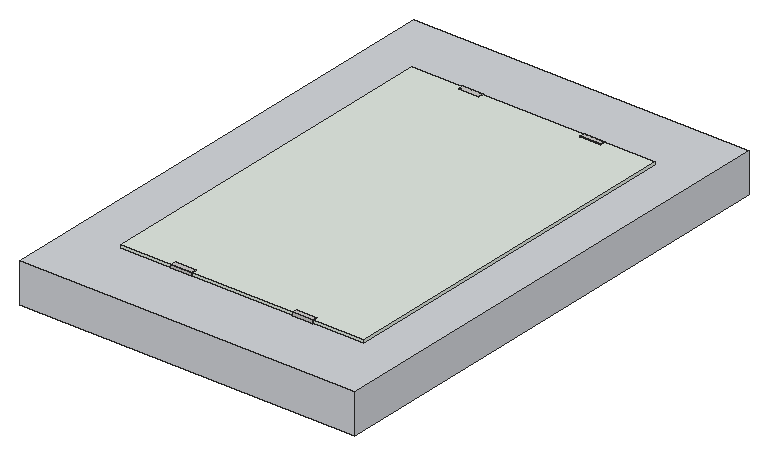
Revit family
Parameters (values of type "24" x 36" + BradEX")
  Width = 24"
  Warranty Information = "Complete unit, excepting mirrors warranted for one year.\r\n Stainless steel mirror frames for fifteen years.\r\n Plate glass mirrors for fifteen years.\r\n This warranty does not cover installation or any other labor charges and does not apply to any units,\r\n which have been damaged by accident, abuse, improper installation, improper maintenance, or altered in any way."
  Version = "1.0"
  URL = "http://www.bradleycorp.com/"
  Type Comments = "BradEX 1/4\" Float Glass Mirror"
  Reflective Material = Glass - Bradley Corp - BradEX - Polished Float Mirror
  OmniClass Title = "Mirrors"
  OmniClass Code = "23.40.95.17.17"
  Modeling Code = ""
  Model = "747-024360"
  MasterFormat Title = "Commercial Toilet Accessories"
  MasterFormat Number = "10 28 13. 13"
  Manufacturer = "Bradley Corporation"
  Industry Standards = "ASTM C 1036"
  Height = 36"
  Fire Rating = "n/a"
  Fastener Placement = Width * 0.25  # 6"
  Description = "Frameless Mirror, Clip Fasteners, 24 by 36 inches"
  Depth = 1/4"
  Default Elevation = 40"
  Copyright = "This Model Data is Property of Bradley Corporation"
  Frame Material = Bradley Corp Stainless Steel - Satin
  Buy American Act = "Yes"
  Assembly Code = "C1030900"
  ADA Compliant = "Yes"
Types (3): name | Type Comments | Reflective Material | Model
  (no name) | "BradEX 1/4\" Float Glass Mirror" | Glass - Bradley Corp - BradEX - Polished Float Mirror | "747-024360"
  24" x 36" + BradEX | "BradEX 1/4\" Float Glass Mirror" | Glass - Bradley Corp - BradEX - Polished Float Mirror | "747-024360"
  24" x 36" + 1/4" Tempered | "1/4\" Tempered Glass Mirror" | Glass - Bradley Corp - Tempered Mirror | "747-024362"
Reference planes (in)
  plane 1 "Center (Front/Back)": y = 0
  plane 2: z = 0
  plane 3 "Center (Left/Right)": x = 0
  plane 4 "Top": y = 18
  plane 5 "Right": x = 12
  plane 6 "Bottom": y = -18
  plane 7 "Left": x = -12
  plane 8 "Front": z = 0.25
  plane 9: x = -6
  plane 10: x = 6
Forms (in)
  Extrusion 1, solid
    sketch origin (0, 0, 0) x (1, 0, 0) y (0, 1, 0)
      loop
        line (-16.76243, 24.15912) -> (-16.76243, -24.45675) -> (16.28936, -24.45675) -> (16.28936, 24.15912) -> (-16.76243, 24.15912)
    from 0 to -3.85894
  Extrusion 2, solid, material "Glass - Bradley Corp - BradEX - Polished Float Mirror" <- "Reflective Material"
    sketch origin (0, 0, 0.5) x (0, 1, 0) y (-1, 0, 0)
      loop
        line (18, 12) -> (-18, 12) -> (-18, -12) -> (18, -12) -> (18, 12)
    from -0.5 to -0.25
  Extrusion 3, solid, material "Bradley Corp Stainless Steel - Satin"
    sketch origin (0, 0, 0) x (0, 1, 0) y (0, 0, 1)
      loop
        line (18, 0) -> (18.03125, 0) -> (18.03125, 0.28125) -> (17.5, 0.28125) -> (17.5, 0.25) -> (18, 0.25) -> (18, 0)
    from -7 to -5
  Extrusion 4, solid, material "Bradley Corp Stainless Steel - Satin"
    sketch origin (12, 0, 0) x (0, 1, 0) y (0, 0, 1)
      loop
        line (18, 0) -> (18.03125, 0) -> (18.03125, 0.28125) -> (17.5, 0.28125) -> (17.5, 0.25) -> (18, 0.25) -> (18, 0)
    from -7 to -5
  Extrusion 5, solid, material "Bradley Corp Stainless Steel - Satin"
    sketch origin (0, 0, 0) x (0, -1, 0) y (0, 0, -1)
      loop
        line (18, 0) -> (18, -0.25) -> (17.5, -0.25) -> (17.5, -0.28125) -> (18.03125, -0.28125) -> (18.03125, 0) -> (18, 0)
    from -7 to -5
  Extrusion 6, solid, material "Bradley Corp Stainless Steel - Satin"
    sketch origin (12, 0, 0) x (0, -1, 0) y (0, 0, -1)
      loop
        line (18, 0) -> (18, -0.25) -> (17.5, -0.25) -> (17.5, -0.28125) -> (18.03125, -0.28125) -> (18.03125, 0) -> (18, 0)
    from -7 to -5
Dimensions and locks (in)
  "Height": plane 6 "Bottom" to plane 4 "Top"
  equal spacing: plane 6 "Bottom", plane 1 "Center (Front/Back)", plane 4 "Top"
  "Width": plane 7 "Left" to plane 5 "Right"
  equal spacing: plane 7 "Left", plane 3 "Center (Left/Right)", plane 5 "Right"
  "Depth": plane 8 "Front" to plane 2
  "Fastener Placement": plane 7 "Left" to plane 9
  "Fastener Placement": plane 10 to plane 5 "Right"
  locked: plane 4 "Top" to Extrusion 3 sketch curve at 0.5
  locked: Extrusion 3 sketch curve to plane 8 "Front" at 0.03125
  locked: Extrusion 3 sketch curve to plane 4 "Top" at 0.03125
  Extrusion 3 to plane 9 to Extrusion 3 = 1" locked, 1" locked
  locked: plane 4 "Top" to Extrusion 4 sketch curve at 0.5
  locked: Extrusion 4 sketch curve to plane 4 "Top" at 0.03125
  locked: Extrusion 4 sketch curve to plane 8 "Front" at 0.03125
  Extrusion 4 to plane 10 to Extrusion 4 = 1" locked, 1" locked
  Extrusion 5 to plane 9 to Extrusion 5 = 1" locked, 1" locked
  Extrusion 6 to plane 10 to Extrusion 6 = 1" locked, 1" locked
  locked: Extrusion 5 sketch curve to plane 6 "Bottom" at 0.5
  locked: plane 6 "Bottom" to Extrusion 5 sketch curve at 0.03125
  locked: plane 8 "Front" to Extrusion 5 sketch curve at 0.03125
  locked: Extrusion 6 sketch curve to plane 6 "Bottom" at 0.5
  locked: plane 6 "Bottom" to Extrusion 6 sketch curve at 0.03125
  locked: plane 8 "Front" to Extrusion 6 sketch curve at 0.03125
  aligned and locked: plane 2 to Extrusion 1
  aligned and locked: level to Extrusion 1
  aligned and locked: plane 7 "Left" to Extrusion 2 sketch curve
  aligned and locked: Extrusion 2 sketch curve to plane 4 "Top"
  aligned and locked: plane 6 "Bottom" to Extrusion 2 sketch curve
  aligned and locked: Extrusion 2 sketch curve to plane 5 "Right"
  aligned and locked: Extrusion 2 to plane 2
  aligned and locked: plane 8 "Front" to Extrusion 2
  aligned and locked: Extrusion 3 sketch curve to plane 8 "Front"
  aligned and locked: Extrusion 3 sketch curve to plane 4 "Top"
  aligned and locked: Extrusion 4 sketch curve to plane 4 "Top"
  aligned and locked: Extrusion 4 sketch curve to plane 8 "Front"
  aligned and locked: Extrusion 4 sketch curve to plane 2
  aligned and locked: plane 8 "Front" to Extrusion 5 sketch curve
  aligned and locked: plane 6 "Bottom" to Extrusion 5 sketch curve
  aligned and locked: plane 2 to Extrusion 5 sketch curve
  aligned and locked: plane 2 to Extrusion 6 sketch curve
  aligned and locked: plane 8 "Front" to Extrusion 6 sketch curve
  aligned and locked: plane 6 "Bottom" to Extrusion 6 sketch curve
Automatic sketch dimensions
  Extrusion 1 sketch curve to Extrusion 1 sketch curve = 33.0518"
  Extrusion 1 sketch curve to Extrusion 1 sketch curve = 48.61587"
  Extrusion 3 sketch curve to level = 0"
